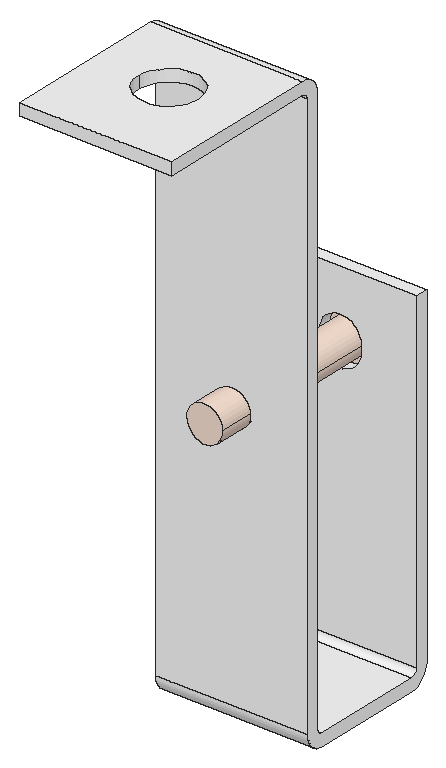
Revit family "screwhanger_c40x20_outer", category 機械設備, Revit 2022
Family settings
  丸型コネクタ寸法 = 直径を使用
  種別 = なし
  パーツ タイプ = 標準
  作業面ベース = いいえ
  常に垂直 = はい
  ロード時にボイドで切り取り = いいえ
  注釈の向きを維持 = いいえ
  共有 = いいえ
  部屋計算ポイント = いいえ
Parameters
  製造元 = "株式会社桐井製作所"
  既定の高さ = 0 mm
  URL = "https://www.kirii.co.jp/"
  K_材質 = "SGHC　一般用"
  K_品名 = "40×20ビス付ハンガー(外折れ)"
  K_名称 = "その他ハンガー"
  K_入数 = "200"
  K_バージョン情報 = "20211012"
  K_めっき付着量 = "Z12"
  K_JIS規格 = "JIS G 3302"
Reference planes
  plane 1 "中心(正面/背面)": y = 0
  plane 2: z = 0
  plane 3 "中心(左/右)": x = 0
  plane 4: x = 12.5
  plane 5: x = -12.5
Forms (mm)
  Extrusion 1, void
    sketch origin (0, 45.021, -44.6) x (1, 0, 0) y (0, 1, 0)
      loop
        circle (0, -60.022) r 5
    from 140.6 to 142.6
  Extrusion 2, solid
    sketch origin (2.5, 0, 0) x (0, 1, 0) y (0, 0, 1)
      loop
        line (0, 1) -> (0, 95)
        arc (0, 95) -> (-0.879, 97.121) -> (-3, 98) r 3
        line (-3, 98) -> (-30, 98) -> (-30, 96) -> (-3, 96)
        arc (-3, 96) -> (-2.293, 95.707) -> (-2, 95) r 1
        line (-2, 95) -> (-2, 1)
        arc (-2, 1) -> (-1.121, -1.121) -> (1, -2) r 3
        line (1, -2) -> (19.5, -2)
        arc (19.5, -2) -> (21.621, -1.121) -> (22.5, 1) r 3
        line (22.5, 1) -> (22.5, 56) -> (20.5, 56) -> (20.5, 1)
        arc (20.5, 1) -> (20.207, 0.293) -> (19.5, 0) r 1
        line (19.5, 0) -> (1, 0)
        arc (1, 0) -> (0.293, 0.293) -> (0, 1) r 1
    from -15 to 10
  Extrusion 3, void
    sketch origin (0, 0, 0) x (1, 0, 0) y (0, 0, 1)
      loop
        circle (0, 45) r 3
    from 0 to 2
  Extrusion 4, void
    sketch origin (0, 0, 0) x (1, 0, 0) y (0, 0, 1)
      loop
        arc (-3.5, 44.487) -> (0, 40.987) -> (3.5, 44.487) r 3.5
        line (3.5, 44.487) -> (3.5, 45.5)
        arc (3.5, 45.5) -> (0, 49) -> (-3.5, 45.5) r 3.5
        line (-3.5, 45.5) -> (-3.5, 44.487)
    from -22.5 to -20.5
Cuts and joins
  Extrusion 1, Extrusion 3, Extrusion 4 cuts Extrusion 2
Dimensions and locks
  aligned and locked: level to plane 2
Nested families
  nested 1: "M6×30ボルト" at (-0.011, 22.5, 45.2) x (-1, 0, 0) z (0, 0, 1), type "M6×30ボルト"
Definition of nested family "M6×30ボルト"
  Parameters (values of type "M6×30ボルト")
    Manufacturer = "株式会社桐井製作所"
    Default Elevation = 0 mm
    URL = "https://www.kirii.co.jp/"
    K_名称 = "M6×30ボルト"
  Reference planes
    plane 1 "中心(正面/背面)": y = 0
    plane 2: z = 0
    plane 3 "中心(左/右)": x = 0
    plane 4 "正面": y = -4
  Forms (mm)
    Extrusion 1, solid
      sketch origin (0, 0, 0) x (1, 0, 0) y (0, 0, 1)
        loop
          line (-4.763, -2.946) -> (0, -5.696) -> (4.763, -2.946) -> (4.763, 2.554) -> (0, 5.304) -> (-4.763, 2.554) -> (-4.763, -2.946)
      from 0 to 4
    Extrusion 2, void
      sketch origin (0, -4, 0) x (-1, 0, 0) y (0, 0, 1)
        loop
          circle (0, -0.156) r 4.396
      from 0 to 1
    Extrusion 3, void
      sketch origin (0, -4, 0) x (-1, 0, 0) y (0, 0, 1)
        loop
          arc (-0.6, 1.814) -> (-1.069, 0.856) -> (-2.036, 0.404) r 1.605
          line (-2.036, 0.404) -> (-2.939, 0.404)
          arc (-2.939, 0.404) -> (-3, -0.195) -> (-2.94, -0.795) r 3
          line (-2.94, -0.795) -> (-2.049, -0.795)
          arc (-2.049, -0.795) -> (-1.074, -1.243) -> (-0.6, -2.206) r 1.605
          line (-0.6, -2.206) -> (-0.6, -3.135)
          arc (-0.6, -3.135) -> (0, -3.196) -> (0.6, -3.135) r 3
          line (0.6, -3.135) -> (0.6, -2.206)
          arc (0.6, -2.206) -> (1.074, -1.243) -> (2.049, -0.795) r 1.605
          line (2.049, -0.795) -> (2.94, -0.795)
          arc (2.94, -0.795) -> (3, -0.198) -> (2.941, 0.398) r 3
          line (2.941, 0.398) -> (2.117, 0.398)
          arc (2.117, 0.398) -> (1.098, 0.828) -> (0.6, 1.814) r 1.605
          line (0.6, 1.814) -> (0.6, 2.743)
          arc (0.6, 2.743) -> (0, 2.804) -> (-0.6, 2.743) r 3
          line (-0.6, 2.743) -> (-0.6, 1.814)
      from 0 to 2
    Extrusion 4, solid
      sketch origin (0, 0, 0) x (1, 0, 0) y (0, 0, 1)
        loop
          circle (-0.011, -0.2) r 3
      from 0 to -30
  Cuts and joins
    Extrusion 2, Extrusion 3 cuts Extrusion 1
    joined: Extrusion 1, Extrusion 4
  Dimensions and locks
    aligned and locked: level to plane 2
